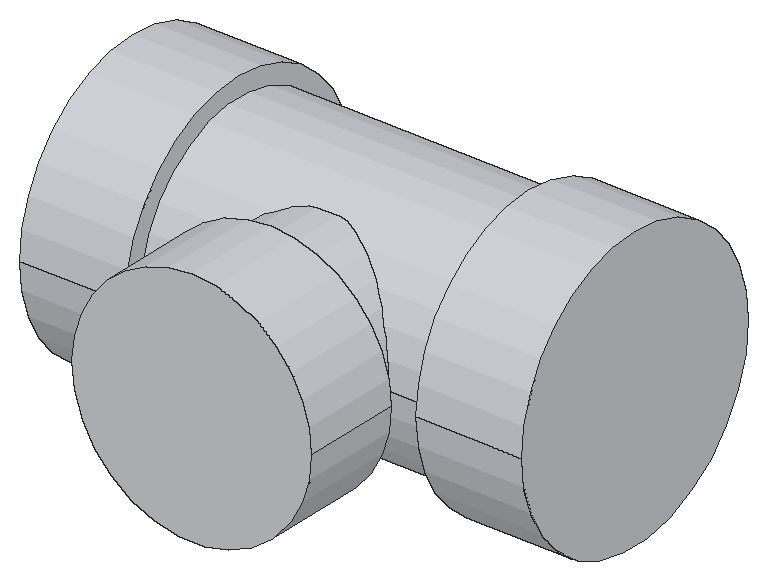
Revit family "M_Redução em T - Rosqueada - MI - Classe 300", category Conexões de tubo, Revit 2019
Family settings
  Cota do conector redondo = Usar raio
  Tipo de parte = Tê
  Número OmniClass = 23.60.30.11.14
  Título OmniClass = Pipework Fittings
  ID de item do Seek = Tee Reducing - Threaded - MI - Class 300-0000-CAN-ENU
  Com base no plano de trabalho = Não
  Sempre na vertical = Sim
  Corte com vazios quando carregada = Não
  Compartilhado = Não
Parameters (values of type "Padrão")
  Tamanho da marca de cota 3 [instance] = Diâmetro externo da conexão 3 * 0.4  # 9.84 mm
  Tamanho da marca de cota 2 [instance] = Diâmetro externo da conexão 2 * 0.4  # 11.8 mm
  Tamanho da marca de cota 1 [instance] = Diâmetro externo da conexão 1 * 0.4  # 11.8 mm
  Raio nominal 3 [instance] = 5 mm
  Raio nominal 2 [instance] = 7.5 mm
  Raio nominal 1 [instance] = 7.5 mm
  Diâmetro nominal 3 [instance] = Raio nominal 3 * 2  # 10 mm
  Diâmetro nominal 2 [instance] = Raio nominal 2 * 2  # 15 mm
  Diâmetro nominal 1 [instance] = Raio nominal 1 * 2  # 15 mm
  Espessura do Metal 3 [instance] = size_lookup(Nome da tabela de pesquisa, "MThk", 0.07 * Diâmetro nominal 3 + 3.076 mm, Diâmetro nominal 3)  # 3.776 mm
  Espessura do Metal 2 [instance] = size_lookup(Nome da tabela de pesquisa, "MThk", 0.07 * Diâmetro nominal 2 + 3.076 mm, Diâmetro nominal 2)  # 4.1 mm
  Espessura do Metal 1 [instance] = size_lookup(Nome da tabela de pesquisa, "MThk", 0.07 * Diâmetro nominal 1 + 3.076 mm, Diâmetro nominal 1)  # 4.1 mm
  Método de perda = Coeficiente K da tabela
  Nome da tabela de pesquisa = "M_Tee Reducing - Threaded - MI - Class 300"
  Tabela de coeficiente K = "T rosqueado"
  C2 Comprimento 2 [instance] = if(and(Ângulo < 90.00°, Comprimento 1 < 0 mm), Raio externo máximo da fita 12 / tan(Ângulo - atan(Raio externo da fita 3 / C3 Comprimento 1)) + Largura da fita 2, Centro ao final 2)  # 30.2 mm
  Raio externo máximo da fita 12 [instance] = if(Raio externo da fita 1 > Raio externo da fita 2, Raio externo da fita 1, Raio externo da fita 2)  # 17 mm
  C3 Comprimento 2 [instance] = if(and(Ângulo < 90.00°, Comprimento 1 < 0 mm), (Raio externo máximo da fita 12 + Raio externo da fita 3 * cos(Ângulo)) / sin(Ângulo) + Largura da fita 3, if(and(Ângulo > 90.00°, Comprimento 1 < 0 mm), (Raio externo máximo da fita 12 + Raio externo da fita 3 * cos(180.00° - Ângulo)) / sin(180.00° - Ângulo) + Largura da fita 3, Raio externo máximo da fita 12 + Largura da fita 3))  # 28.824 mm
  C3 Comprimento 1 [instance] = C3 Comprimento 2 - Largura da fita 3  # 17 mm
  C2 Comprimento 1 [instance] = C2 Comprimento 2 - Largura da fita 2  # 17.5 mm
  C1 Comprimento 2 [instance] = if(and(Ângulo > 90.00°, Comprimento 1 < 0 mm), Raio externo máximo da fita 12 / tan(180.00° - Ângulo - atan(Raio externo da fita 3 / C3 Comprimento 1)) + Largura da fita 1, Centro ao final 1)  # 30.2 mm
  C1 Comprimento 1 [instance] = C1 Comprimento 2 - Largura da fita 1  # 17.5 mm
  Comprimento 1 [instance] = if(Ângulo < 90.00°, ((Centro ao final 3 - Largura da fita 3) / cos(Ângulo 1) * sin(Ângulo - Ângulo 1) - Raio externo máximo da fita 12), ((Centro ao final 3 - Largura da fita 3) / cos(Ângulo 1) * sin(180.00° - Ângulo - Ângulo 1) - Raio externo máximo da fita 12))  # 1.376 mm
  Raio externo da conexão 3 [instance] = Diâmetro externo da conexão 3 / 2  # 12.3 mm
  Raio externo da conexão 2 [instance] = Diâmetro externo da conexão 2 / 2  # 14.75 mm
  Raio externo da conexão 1 [instance] = Diâmetro externo da conexão 1 / 2  # 14.75 mm
  Diâmetro externo da conexão 3 [instance] = Diâmetro interior da conexão 3 + Espessura do Metal 3 * 2  # 24.599 mm
  Diâmetro externo da conexão 2 [instance] = Diâmetro interno da conexão 2 + Espessura do Metal 2 * 2  # 29.5 mm
  Diâmetro externo da conexão 1 [instance] = Diâmetro interno da conexão 1 + Espessura do Metal 1 * 2  # 29.5 mm
  Diâmetro interior da conexão 3 [instance] = size_lookup(Nome da tabela de pesquisa, "FID", 1.04 * Diâmetro nominal 3 + 6.648 mm, Diâmetro nominal 3)  # 17.048 mm
  Diâmetro interno da conexão 2 [instance] = size_lookup(Nome da tabela de pesquisa, "FID", 1.04 * Diâmetro nominal 2 + 6.648 mm, Diâmetro nominal 2)  # 21.3 mm
  Diâmetro interno da conexão 1 [instance] = size_lookup(Nome da tabela de pesquisa, "FID", 1.04 * Diâmetro nominal 1 + 6.648 mm, Diâmetro nominal 1)  # 21.3 mm
  Centro ao final 3 [instance] = size_lookup(Nome da tabela de pesquisa, "CtE3", 0.49 * Diâmetro nominal 1 + 0.062 * Diâmetro nominal 2 + 0.3 * Diâmetro nominal 3 + 20.241 mm, (Diâmetro nominal 1), (Diâmetro nominal 2), (Diâmetro nominal 3))  # 30.2 mm
  Centro ao final 2 [instance] = size_lookup(Nome da tabela de pesquisa, "CtE2", 0.075 * Diâmetro nominal 1 + 0.26 * Diâmetro nominal 2 + 0.51 * Diâmetro nominal 3 + 20.141 mm, (Diâmetro nominal 1), (Diâmetro nominal 2), (Diâmetro nominal 3))  # 30.2 mm
  Centro ao final 1 [instance] = size_lookup(Nome da tabela de pesquisa, "CtE1", 0.33 * Diâmetro nominal 1 - 0.0086 * Diâmetro nominal 2 + 0.51 * Diâmetro nominal 3 + 20.637 mm, (Diâmetro nominal 1), (Diâmetro nominal 2), (Diâmetro nominal 3))  # 30.2 mm
  Largura da fita 3 [instance] = size_lookup(Nome da tabela de pesquisa, "BWid", 0.22 * Diâmetro nominal 3 + 9.624 mm, Diâmetro nominal 3)  # 11.824 mm
  Largura da fita 2 [instance] = size_lookup(Nome da tabela de pesquisa, "BWid", 0.22 * Diâmetro nominal 2 + 9.624 mm, Diâmetro nominal 2)  # 12.7 mm
  Largura da fita 1 [instance] = size_lookup(Nome da tabela de pesquisa, "BWid", 0.22 * Diâmetro nominal 1 + 9.624 mm, Diâmetro nominal 1)  # 12.7 mm
  Raio externo da fita 3 [instance] = Diâmetro externo da fita 3 / 2  # 14.437 mm
  Raio externo da fita 2 [instance] = Diâmetro externo da fita 2 / 2  # 17 mm
  Raio externo da fita 1 [instance] = Diâmetro externo da fita 1 / 2  # 17 mm
  Diâmetro externo da fita 3 [instance] = size_lookup(Nome da tabela de pesquisa, "BOD", 1.29 * Diâmetro nominal 3 + 15.974 mm, Diâmetro nominal 3)  # 28.874 mm
  Diâmetro externo da fita 2 [instance] = size_lookup(Nome da tabela de pesquisa, "BOD", 1.29 * Diâmetro nominal 2 + 15.974 mm, Diâmetro nominal 2)  # 34 mm
  Diâmetro externo da fita 1 [instance] = size_lookup(Nome da tabela de pesquisa, "BOD", 1.29 * Diâmetro nominal 1 + 15.974 mm, Diâmetro nominal 1)  # 34 mm
  Ângulo 1 [instance] = atan(Raio externo da fita 3 / (Centro ao final 3 - Largura da fita 3))  # 38.1553°
  Ângulo [instance] = 90.00°
Reference planes
  plane 1 "Centro (Frente/Trás)": y = 0
  plane 2: z = 0
  plane 3 "Centro (Esquerda/Direita)": x = 0
  plane 4: x = -17.5
  plane 5: x = 17.5
  plane 6: x = -30.2
  plane 7: x = 30.2
  plane 8: y = 11.8
  plane 9: y = -11.8
  plane 10: x = -17.5
  plane 11: x = 17.5
  plane 12: y = 11.8
  plane 13: y = -11.8
Forms (mm)
  Blend 1, solid, detail levels fine
    base sketch origin (0, 0, 0) x (0, 1, 0) y (0, 0, 1)
      loop
        circle (0, 0) r 14.75
    top sketch origin (0, 0, 0) x (0, 1, 0) y (0, 0, 1)
      loop
        circle (0, 0) r 14.75
    from -17.5 to 17.5
  Sweep 2, solid, detail levels fine
    path in 3D
      loop
        line (-30.2, 0, 0) -> (-17.5, 0, 0)
    profile origin (-23.85, 0, 0) x (0, 1, 0) y (0, 0, 1)
      loop
        circle (0, 0) r 17
  Sweep 3, solid, detail levels fine
    path in 3D
      loop
        line (17.5, 0, 0) -> (30.2, 0, 0)
    profile origin (23.85, 0, 0) x (0, 1, 0) y (0, 0, 1)
      loop
        circle (0, 0) r 17
  Sweep 4, solid, detail levels fine
    path in 3D
      loop
        line (0, 0, 0) -> (0, -17, 0)
    profile origin (0, -8.5, 0) x (1, 0, 0) y (0, 0, 1)
      loop
        circle (0, 0) r 12.3
  Sweep 5, solid, detail levels fine
    path in 3D
      loop
        line (0, -17, 0) -> (0, -28.824, 0)
    profile origin (0, -22.912, 0) x (1, 0, 0) y (0, 0, 1)
      loop
        circle (0, 0) r 14.437
Cuts and joins
  joined: Blend 1, Sweep 2, Sweep 3, Sweep 4, Sweep 5
Lines and regions (mm)
  model lines, detail levels coarse+medium
    curve 1: line (-30.2, 11.8, 0) -> (-30.2, -11.8, 0)
    curve 2: line (30.2, 11.8, 0) -> (30.2, -11.8, 0)
    curve 14: line (0, 0, 0) -> (0, -28.824, 0)
    curve 15: line (0, 0, 0) -> (30.2, 0, 0)
    curve 16: line (0, 0, 0) -> (-30.2, 0, 0)
    curve 17: line (9.84, -28.824, 0) -> (-9.84, -28.824, 0)
  reference lines
    curve 3: line (0, 0, 0) -> (0, -17, 0)
    curve 4: line (0, -17, 0) -> (0, -28.824, 0)
    curve 5: line (17.5, 0, 0) -> (30.2, 0, 0)
    curve 6: line (-30.2, 0, 0) -> (-17.5, 0, 0)
    curve 7: line (-30.2, 0, 0) -> (-17.5, 0, 0)
    curve 8: line (17.5, 0, 0) -> (30.2, 0, 0)
    curve 9: line (0, -28.824, 0) -> (0, -17.105, 0)
  sketch lines
    curve 10: line (-30.2, 0, 0) -> (-17.5, 0, 0)
    curve 11: line (17.5, 0, 0) -> (30.2, 0, 0)
    curve 12: line (0, 0, 0) -> (0, -17, 0)
    curve 13: line (0, -17, 0) -> (0, -28.824, 0)
Dimensions and locks
  "C1 Comprimento 1": plane 4 to plane 3 "Centro (Esquerda/Direita)"
  "C2 Comprimento 1": plane 3 "Centro (Esquerda/Direita)" to plane 5
  "C1 Comprimento 2": plane 6 to plane 3 "Centro (Esquerda/Direita)"
  equal spacing: plane 8, plane 1 "Centro (Frente/Trás)", plane 9
  "Tamanho da marca de cota 1": plane 8 to plane 1 "Centro (Frente/Trás)"
  "C3 Comprimento 1": curve 3 to curve 4
  "Largura da fita 3": curve 4 to curve 4
  "C2 Comprimento 2": plane 3 "Centro (Esquerda/Direita)" to plane 7
  equal spacing: plane 12, plane 1 "Centro (Frente/Trás)", plane 13
  "Tamanho da marca de cota 2": plane 12 to plane 1 "Centro (Frente/Trás)"
  "C3 Comprimento 2": curve 14 to curve 14
  equal spacing: curve 17, curve 14, curve 17
  "Tamanho da marca de cota 3": curve 14 to curve 17
  "Raio externo da conexão 1": radius of Blend 1 sketch curve
  "Raio externo da conexão 2": radius of Blend 1 sketch curve
  "Raio externo da fita 1": radius of Sweep 2 sketch curve
  "Raio externo da fita 2": radius of Sweep 3 sketch curve
  "Raio externo da conexão 3": radius of Sweep 4 sketch curve
  "Raio externo da fita 3": radius of Sweep 5 sketch curve
  "Ângulo": angle curve 3 to plane 1 "Centro (Frente/Trás)"
  "Ângulo": angle curve 4 to plane 1 "Centro (Frente/Trás)"
  "Ângulo": angle curve 9 to plane 1 "Centro (Frente/Trás)"
  "Ângulo": angle curve 14 to plane 1 "Centro (Frente/Trás)"
  "Ângulo": angle curve 17 to plane 5
  aligned and locked: plane 8 to curve 1
  aligned and locked: plane 9 to curve 1
  aligned and locked: curve 1 to plane 6
  aligned and locked: curve 2 to plane 7
  aligned and locked: plane 3 "Centro (Esquerda/Direita)" to curve 3
  aligned and locked: plane 6 to curve 6
  aligned and locked: plane 4 to curve 6
  aligned and locked: plane 5 to curve 5
  aligned and locked: plane 7 to curve 5
  aligned and locked: plane 1 "Centro (Frente/Trás)" to curve 5
  aligned and locked: plane 1 "Centro (Frente/Trás)" to curve 6
  aligned and locked: plane 6 to curve 7
  aligned and locked: plane 10 to curve 7
  aligned and locked: plane 1 "Centro (Frente/Trás)" to curve 7
  aligned and locked: plane 11 to curve 8
  aligned and locked: plane 7 to curve 8
  aligned and locked: plane 1 "Centro (Frente/Trás)" to curve 8
  aligned and locked: plane 1 "Centro (Frente/Trás)" to Blend 1 sketch curve  (x2)
  aligned and locked: plane 2 to Blend 1 sketch curve  (x2)
  aligned and locked: Blend 1 to plane 4
  aligned and locked: plane 5 to Blend 1
  aligned and locked: plane 1 "Centro (Frente/Trás)" to Sweep 2 sketch curve
  aligned and locked: plane 2 to Sweep 2 sketch curve
  aligned and locked: plane 1 "Centro (Frente/Trás)" to Sweep 3 sketch curve
  aligned and locked: plane 2 to Sweep 3 sketch curve
  aligned and locked: plane 13 to curve 2
  aligned and locked: plane 12 to curve 2
  aligned and locked: profile plane to Sweep 4 sketch curve  (x2)
  aligned and locked: profile plane to Sweep 5 sketch curve  (x2)
  aligned and locked: plane 3 "Centro (Esquerda/Direita)" to curve 14
  aligned and locked: plane 1 "Centro (Frente/Trás)" to curve 14
  aligned and locked: plane 7 to curve 15
  aligned and locked: plane 6 to curve 16
Automatic sketch dimensions
  plane 1 "Centro (Frente/Trás)" to curve 3 = 0 mm
Connectors
  piping at (-30.2, 0, 0), diameter 15, driven by "Raio nominal 1"
    settings: on cut or joined group of Blend 1, Sweep 2, Sweep 3, Sweep 4, Sweep 5, index 1, connector inside diameter 15 mm, connector length 0 mm, flow factor 0, pipe flow 0.0 L/s, pressure drop 0.0 Pa, fitting loss kfactor 0, connector angle 0.00°, fixture units 0, engagement length 0 mm, angle of deflection 0.00°, flow configuration 0, flow direction 0, fitting loss method 0, system type 28, joint type 0, gender type 0, connector reference index 2, connector utility 0, adjustable connector no, is connector primary yes, connector description ""
  piping at (30.2, 0, 0), diameter 15, driven by "Raio nominal 2"
    settings: on cut or joined group of Blend 1, Sweep 2, Sweep 3, Sweep 4, Sweep 5, index 2, connector inside diameter 15 mm, connector length 0 mm, flow factor 0, pipe flow 0.0 L/s, pressure drop 0.0 Pa, fitting loss kfactor 0, connector angle 0.00°, fixture units 0, engagement length 0 mm, angle of deflection 0.00°, flow configuration 0, flow direction 0, fitting loss method 0, system type 28, joint type 0, gender type 0, connector reference index 1, connector utility 0, adjustable connector no, is connector primary no, connector description ""
  piping at (0, -28.824, 0), diameter 10, driven by "Raio nominal 3", driven by "Ângulo"
    settings: on cut or joined group of Blend 1, Sweep 2, Sweep 3, Sweep 4, Sweep 5, index 3, connector inside diameter 10 mm, connector length 0 mm, flow factor 0, pipe flow 0.0 L/s, pressure drop 0.0 Pa, fitting loss kfactor 0, connector angle 90.00°, fixture units 0, engagement length 0 mm, angle of deflection 0.00°, flow configuration 0, flow direction 0, fitting loss method 0, system type 28, joint type 0, gender type 0, connector reference index -1, connector utility 0, adjustable connector no, is connector primary no, connector description ""
